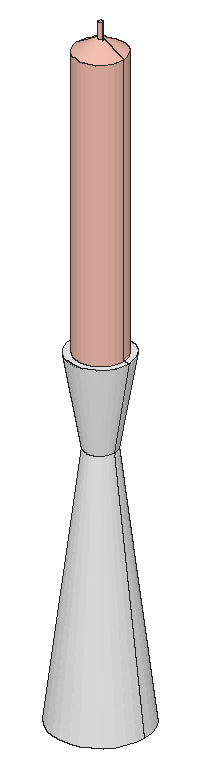
Revit family "Candle_7764", category Specialty Equipment, Revit 2020
Family settings
  Round Connector Dimension = Use Diameter
  Part Type = Normal
  Work Plane-Based = No
  Always vertical = Yes
  Cut with Voids When Loaded = No
  Shared = No
  Room Calculation Point = No
Parameters
  Material Candle Holder = Metal - Chrome Polished
  Material Candle = Wax - Candle
  Default Elevation = 0 mm
Reference planes
  plane 1 "Center (Front/Back)": y = 0
  plane 2: z = 0
  plane 3 "Center (Left/Right)": x = 0
Forms (mm)
  Revolve 1, solid, material "Metal - Chrome Polished" <- "Material Candle Holder"
    sketch origin (0, 0, 0) x (1, 0, 0) y (0, 0, 1)
      loop
        line (0, 0) -> (0, 108.014) -> (-8, 108.014) -> (-8, 114.544) -> (-10.276, 114.544) -> (-5.066, 85) -> (-15.5, 0) -> (0, 0)
      axis (0, 0) -> (0, 114.544)
    angle from 0 to 360
  Revolve 2, solid, material "Wax - Candle" <- "Material Candle"
    sketch origin (0, 0, 0) x (1, 0, 0) y (0, 0, 1)
      loop
        line (0, 108.014) -> (0, 212.633) -> (-8, 208.014) -> (-8, 108.014) -> (0, 108.014)
      axis (0, 108.014) -> (0, 212.633)
    angle from 0 to 360
  Extrusion 3, solid, material "Wax - Candle" <- "Material Candle"
    sketch origin (0, 0, 0) x (1, 0, 0) y (0, 1, 0)
      loop
        circle (0, 0) r 0.75
    from 208.014 to 217.166
Dimensions and locks
  aligned and locked: Extrusion 3 to Revolve 2
